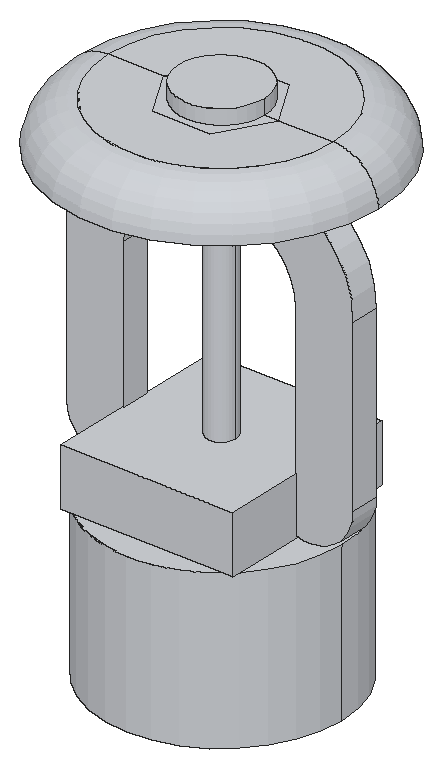
Revit family
Parameters (values of type "RASCO F1-300 UPRIGHT")
  Temperature Rating = 155 °F
  Response = (empty or 0)
  RASCO SIN # = "R5522"
  RASCO Part # = "FU1LB3"
  Pressure Rating = "300 PSI"
  Pressure Class = 1
  Orifice Size = 17/32"
  Orifice = (empty or 0)
  Model = "F1-300"
  Manufacturer = "RASCO"
  K-Factor = 8
  Description = "Brz. Finish"
  Coverage = (empty or 0)
Reference planes (in)
  plane 1 "Center (Front/Back)": y = 0
  plane 2: z = 0
  plane 3 "Center (Left/Right)": x = 0
Dimensions and locks (in)
  aligned and locked: plane 2 to level
Nested families (in)
  nested 1: "FU1LB3" at (0, 0, 0), type "RASCO F1-300 UPRIGHT"
Connectors (in)
  piping at (0, 0, 0)
    settings: on nested 1, index 1, connector radius 1/2", flow factor 0, pipe flow 0 GPM, pressure drop 0.00 psi, fitting loss kfactor 0, connector angle 0.00°, fixture units 0, flow configuration 0, flow direction 0, fitting loss method 0, system type 7, connector reference index -1, connector utility 0, adjustable connector no, is connector primary yes, fitting loss table "", connector description ""
Definition of nested family "FU1LB3"
  Parameters (values of type "RASCO F1-300 UPRIGHT")
    Type Comments = ""
    Temperature Rating = 0 °F
    Response = (empty or 0)
    Pressure Rating = "0"
    Pressure Class = (empty or 0)
    Orifice Size = 0"
    Orifice = (empty or 0)
    Model = ""
    Manufacturer = ""
    K-Factor = 0
    Description = ""
    Coverage = (empty or 0)
    Assembly Code = ""
  Reference planes (in)
    plane 1 "Center (Front/Back)": y = 0
    plane 2: z = 0
    plane 3 "ref.2": z = 0.6875
    plane 4 "ref.3": z = 0.9375
    plane 5: x = -0.38065
    plane 6: x = 0.36935
    plane 7 "ref. side 1": y = 0.06402
    plane 8 "ref. side 2": y = -0.06098
    plane 9 "ref.4": z = 1.875
    plane 10 "ref.5": z = 2.3125
    plane 11 "ref.6": z = 2.4375
  Forms (in)
    Extrusion 1, solid
      sketch origin (0, 0, 0) x (1, 0, 0) y (0, 1, 0)
        loop
          circle (0, 0) r 0.5221
      from 0 to 0.6875
    Extrusion 2, solid
      sketch origin (-0.12185, 0.05177, 0.6875) x (1, 0, 0) y (0, 1, 0)
        loop
          line (-0.2588, 0.356) -> (-0.2588, -0.4565) -> (0.4912, -0.4565) -> (0.4912, 0.356) -> (-0.2588, 0.356)
      from 0 to 0.25
    Extrusion 3, solid
      sketch origin (0, 0, 0) x (1, 0, 0) y (0, 0, 1)
        loop
          line (-0.38065, 0.69674) -> (-0.38065, 1.58397)
          arc (-0.38065, 1.58397) -> (-0.29541, 1.78976) -> (-0.08962, 1.875) r 0.29103
          line (-0.08962, 1.875) -> (0.07524, 1.875)
          arc (0.07524, 1.875) -> (0.28321, 1.78886) -> (0.36935, 1.58089) r 0.29411
          line (0.36935, 1.58089) -> (0.36935, 0.69728)
          arc (0.36935, 0.69728) -> (0.54046, 0.72329) -> (0.61935, 0.87734) r 0.18984
          line (0.61935, 0.87734) -> (0.61935, 1.61676)
          arc (0.61935, 1.61676) -> (0.48879, 1.93194) -> (0.17361, 2.0625) r 0.44574
          line (0.17361, 2.0625) -> (-0.18509, 2.0625)
          arc (-0.18509, 2.0625) -> (-0.50015, 1.932) -> (-0.63065, 1.61694) r 0.44556
          line (-0.63065, 1.61694) -> (-0.63065, 0.87876)
          arc (-0.63065, 0.87876) -> (-0.55196, 0.72414) -> (-0.38065, 0.69674) r 0.19126
      from -0.06402 to 0.06098
    Extrusion 4, solid
      sketch origin (0, 0, 0.9375) x (-1, 0, 0) y (0, -1, 0)
        loop
          circle (0.00574, -0.00152) r 0.0625
      from 0 to 0.9375
    Extrusion 5, solid
      sketch origin (0, 0, 1.875) x (-1, 0, 0) y (0, -1, 0)
        loop
          circle (0.00574, -0.00152) r 0.1875
      from 0 to 0.4375
    Revolve 6, solid
      sketch origin (0, 0, -0.2777) x (1, 0, 0) y (0, 0, 1)
        loop
          line (-0.19324, 2.33367) -> (-0.19324, 2.52696) -> (-0.25733, 2.52696) -> (-0.49638, 2.52696)
          arc (-0.49638, 2.52696) -> (-0.63432, 2.47056) -> (-0.69321, 2.33367) r 0.19686
          line (-0.69321, 2.33367) -> (-0.19324, 2.33367)
        axis (-0.00574, 2.33367) -> (-0.00574, 2.52696)
      angle from 0 to 360
  Cuts and joins
    joined: Extrusion 1, Extrusion 2, Extrusion 4, Revolve 6
  Lines and regions (in)
    model lines
      curve 1: line (-0.00574, 0.06402, 1.875) -> (-0.00574, -0.06098, 1.875)
  Dimensions and locks (in)
    Extrusion 3 to Extrusion 3 = 0' - 1 1/4"
    Extrusion 5 to cut or joined group of Extrusion 1, Extrusion 2, Extrusion 4, Revolve 6 = 0' - 2 5/16"
